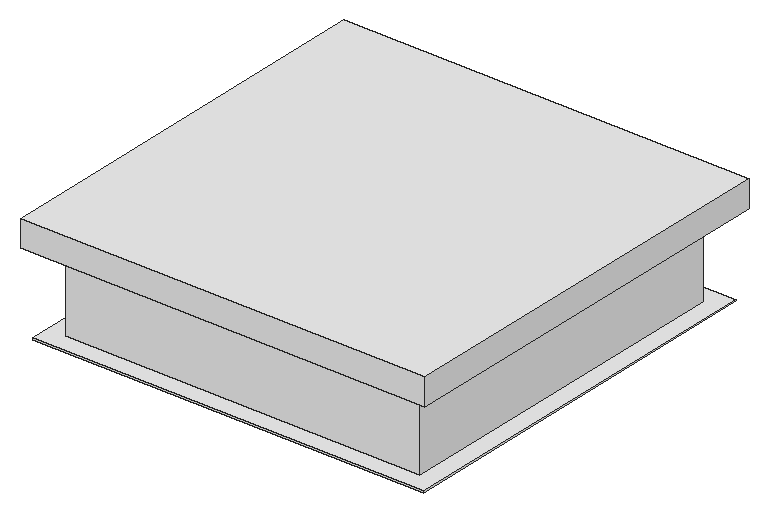
Revit family "Access_Door-Best-Access-Doors-Smoke_Vent-BA-ASV_Series", category Specialty Equipment, host Face, Revit 2017
Family settings
  Host = Face
  Round Connector Dimension = Use Diameter
  Part Type = Normal
  OmniClass Number = 23.40.00.00
  Cut with Voids When Loaded = Yes
  Shared = Yes
  Room Calculation Point = No
Parameters (values of type "BA-ASV-3636")
  Width = 36"
  URL = "https://www.bestaccessdoors.com/"
  Type Comments = ""
  Revised Date = "08/30/2018"  # constant formula
  Product data url = "https://bimobject.com/best-access-doors/product/smoke-vent-aluminum"
  Product Page URL = ""
  Product Documentation Link = ""
  Model = "BA-ASV-3636"
  Material = "Aluminum-Best Access Doors-11 Gauge-Mill Finish"  # constant formula
  Manufacturer = "Best Access Doors"  # constant formula
  Length = 12"  # constant formula
  Installation Type = "Surface Mount"  # constant formula
  Height = 36"
  Finish = Aluminum-Best Access Doors-11 Gauge-Mill Finish
  Description = "Aluminum Single Leaf Smoke Vent"  # constant formula
  Default Elevation = 0"  # constant formula
  Creation Date = "08/30/2018"  # constant formula
  Assembly Code = "C1020700"
Types (7): name | Width | Model | Height
  BA-ASV-4848 | 48" | "BA-ASV-4848" | 48"
  BA-ASV-2424 | 24" | "BA-ASV-2424" | 24"
  BA-ASV-2436 | 24" | "BA-ASV-2436" | 36"
  BA-ASV-3030 | 30" | "BA-ASV-3030" | 30"
  BA-ASV-3036 | 30" | "BA-ASV-3036" | 36"
  BA-ASV-3096 | 30" | "BA-ASV-3096" | 96"
  BA-ASV-3636 | 36" | "BA-ASV-3636" | 36"
Reference planes (in)
  plane 1 "Center (Front/Back)": y = 0
  plane 2: z = 0
  plane 3 "Center (Left/Right)": x = 0
  plane 4: x = 22.28125
  plane 5: x = -22.28125
  plane 6: y = 18
  plane 7: y = -18
  plane 8: x = 18
  plane 9: x = -18
  plane 10: z = 12
  plane 11: y = 22.287
  plane 12: y = -22.287
  plane 13: x = 17
Forms (in)
  Sweep 1, solid, material "Aluminum-Best Access Doors-11 Gauge-Mill Finish" <- "Finish"
    path origin (0, 0, 0) x (1, 0, 0) y (0, 1, 0)
      loop
        line (-18, 18) -> (-18, -18) -> (18, -18) -> (18, 18) -> (-18, 18)
    profile origin (0, 18, 0) x (0, 1, 0) y (0, 0, 1)
      loop
        line (0, 0) -> (1.5, 0) -> (3.5, 0) -> (3.5, 0.125) -> (1.5, 0.125) -> (1.5, 8.08984) -> (2.25, 8.08984) -> (2.25, 9.08984) -> (4.287, 9.08984) -> (4.287, 12) -> (0, 12) -> (0, 0)
  Extrusion 2, solid, material "Aluminum-Best Access Doors-11 Gauge-Mill Finish" <- "Finish"
    sketch origin (0, 0, 0) x (1, 0, 0) y (0, 1, 0)
      loop
        line (-18, 18) -> (-18, -18) -> (18, -18) -> (18, 18) -> (-18, 18)
    from 0 to 12
Cuts and joins
  joined: Sweep 1, Extrusion 2
Lines and regions (in)
  Masking region 1
    outline origin (0, 0, 0) x (1, 0, 0) y (0, 1, 0)
      loop
        line (-22.287, 22.287) -> (-22.287, -22.287) -> (22.287, -22.287) -> (22.287, 22.287) -> (-22.287, 22.287)
Dimensions and locks (in)
  "Height": plane 6 to plane 7
  equal spacing: plane 9, plane 3 "Center (Left/Right)", plane 8
  "Width": plane 9 to plane 8
  locked: plane 5 to plane 9 at 4.28125
  locked: plane 8 to plane 4 at 4.28125
  "Length": plane 10 to level
  locked: plane 11 to plane 6 at 4.287
  equal spacing: plane 6, plane 1 "Center (Front/Back)", plane 7
  locked: plane 7 to plane 12 at 4.287
  locked: plane 10 to Sweep 1 sketch curve at 2.91016
  locked: plane 10 to Sweep 1 sketch curve at 3.91016
  locked: plane 11 to Sweep 1 sketch curve at 2.037
  locked: Sweep 1 sketch curve to plane 6 at 1.5
  locked: Sweep 1 sketch curve to level at 0.125
  locked: plane 11 to Sweep 1 sketch curve at 0.787
  locked: plane 13 to plane 8 at 1
  aligned and locked: plane 2 to host face
  aligned and locked: level to host face
  aligned and locked: Sweep 1 sketch curve to plane 6
  aligned and locked: Sweep 1 sketch curve to plane 9
  aligned and locked: Sweep 1 sketch curve to plane 7
  aligned and locked: Sweep 1 sketch curve to plane 8
  aligned and locked: plane 6 to Sweep 1 sketch curve
  aligned and locked: Sweep 1 sketch curve to plane 10
  aligned and locked: plane 11 to Sweep 1 sketch curve
  aligned and locked: level to Sweep 1 sketch curve
  aligned and locked: Extrusion 2 sketch curve to Sweep 1  (x4)
  aligned and locked: Extrusion 2 to level
  aligned and locked: plane 10 to Extrusion 2
  aligned and locked: Masking region 1 sketch curve to cut or joined group of Sweep 1, Extrusion 2  (x4)
Automatic sketch dimensions
  host sketch curve to host sketch curve = 96"  (x2)
  Sweep 1 sketch curve to Sweep 1 sketch curve = 0"
